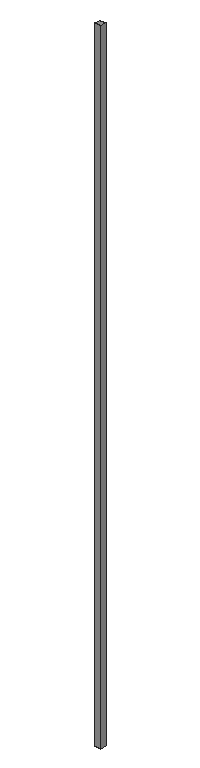
Revit family "Aluminum Batten", category Generic Models, Revit 2025
Family settings
  Can host rebar = No
  Round Connector Dimension = Use Diameter
  Part Type = Normal
  Work Plane-Based = No
  Always vertical = Yes
  Cut with Voids When Loaded = No
  Maintain Annotation Orientation = No
  Shared = No
  Room Calculation Point = No
Parameters
  Size = 2"
  Material = Cherry
  Height [instance] = 213"
  Default Elevation = 0"
Reference planes (in)
  plane 1 "Center (Front/Back)": y = 0
  plane 2: z = 0
  plane 3 "Center (Left/Right)": x = 0
  plane 4: z = 213
Forms (in)
  Extrusion 1, solid, material "Cherry" <- "Material"
    sketch origin (0, 0, 0) x (1, 0, 0) y (0, 1, 0)
      loop
        line (-1, 1) -> (-1, -1) -> (1, -1) -> (1, 1) -> (-1, 1)
    from 0 to 213
Dimensions and locks (in)
  equal spacing: Extrusion 1 sketch curve, plane 3 "Center (Left/Right)", Extrusion 1 sketch curve
  equal spacing: Extrusion 1 sketch curve, plane 1 "Center (Front/Back)", Extrusion 1 sketch curve
  "Size": Extrusion 1 sketch curve to Extrusion 1 sketch curve  (x2)
  "Height": plane 4 to plane 2
  aligned and locked: level to plane 2
  aligned and locked: plane 4 to Extrusion 1
